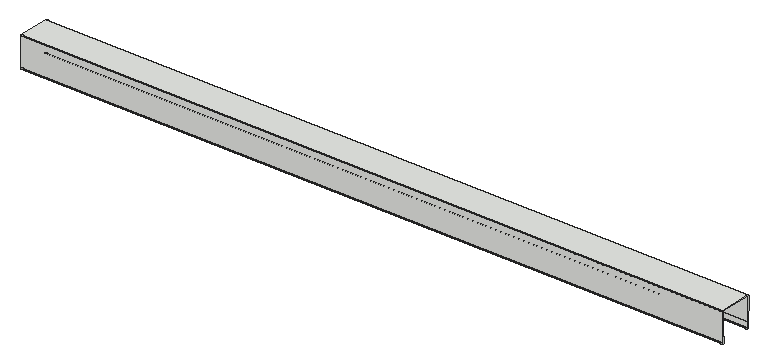
Revit family "PR52", category Mechanical Equipment, Revit 2018
Family settings
  Round Connector Dimension = Use Diameter
  Part Type = Normal
  OmniClass Number = 23.75.00.00
  OmniClass Title = Climate Control (HVAC)
  Work Plane-Based = No
  Always vertical = Yes
  Cut with Voids When Loaded = No
  Shared = No
  Room Calculation Point = No
Parameters (values of type "ISOLAMIN PR52 flashing")
  URL = "http://www.isolamin.se/"
  Thickness = "0.7 mm (Different thicknesses are available on request) \r\n0.7 mm (Different thicknesses are available on request) \r\n0.7 mm (Different thicknesses are available on request)"
  Profile Length = 1180 mm
  Model = "PR52"
  Material = "Galvanized Steel"
  Manufacturer = "ISOLAMIN AB"
  Edition = "1.0 (2018)"
Reference planes
  plane 1 "Center (Front/Back)": y = 0
  plane 2: z = 0
  plane 3 "Center (Left/Right)": x = 0
  plane 4: y = -1284.913
  plane 5: x = 1180
Forms (mm)
  Extrusion 1, solid, material "ISOLAMIN Surface Profile Material"
    sketch origin (0, 0, 0) x (0, 1, 0) y (0, 0, 1)
      loop
        arc (-53, 50.035) -> (-53.707, 49.742) -> (-54, 49.035) r 1
        line (-54, 49.035) -> (-54, 1.035)
        arc (-54, 1.035) -> (-53, 0.035) -> (-52, 1.035) r 1
        line (-52, 1.035) -> (-52, 10.035) -> (-53, 10.035) -> (-53, 49.035) -> (-1, 49.035) -> (-1, 10.035) -> (-2, 10.035) -> (-2, 1.035)
        arc (-2, 1.035) -> (-1, 0.035) -> (0, 1.035) r 1
        line (0, 1.035) -> (0, 49.035)
        arc (0, 49.035) -> (-0.293, 49.742) -> (-1, 50.035) r 1
        line (-1, 50.035) -> (-53, 50.035)
    from 0 to 1180
Dimensions and locks
  "Profile Length": plane 3 "Center (Left/Right)" to plane 5
  aligned and locked: level to plane 2
  aligned and locked: plane 5 to Extrusion 1
Automatic sketch dimensions
  Extrusion 1 sketch curve to plane 1 "Center (Front/Back)" = 0 mm
  plane 1 "Center (Front/Back)" to Extrusion 1 sketch curve = 1 mm
  Extrusion 1 sketch curve to Extrusion 1 sketch curve = 0 mm  (x3)
  Extrusion 1 sketch curve to Extrusion 1 sketch curve = 1 mm  (x3)
  level to Extrusion 1 sketch curve = 10.035 mm  (x2)
  Extrusion 1 sketch curve to Extrusion 1 sketch curve = 50 mm
  level to Extrusion 1 sketch curve = 1.035 mm  (x2)
  Extrusion 1 sketch curve to Extrusion 1 sketch curve = 39 mm
